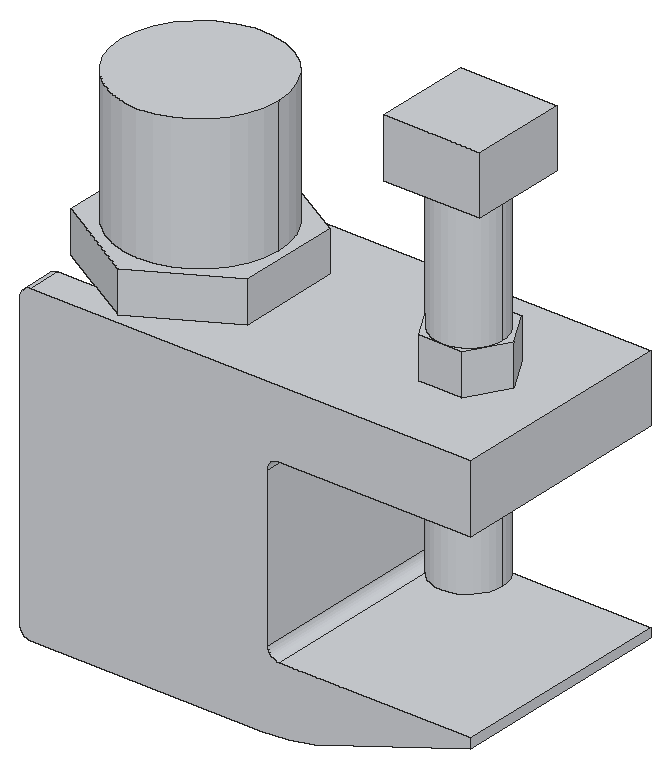
Revit family "Beam_Clamp-Unistrut-P2898", category Specialty Equipment, Revit 2012
Parameters (values of type "P2898-87")
  ecoScorecard_data = "http://products.ecoscorecard.com/atkore/P2898-87"
  ecoScorecard Product Page = "http://products.ecoscorecard.com/atkore/P2898-87?action=html"
  Weight Per Piece = 0.79 lbf
  Unit = none
  Unistrut Part Number = "P2898-87"  # constant formula
  URL = "http://unistrut.us/index.php"
  Subcategory = "Beam Clamps"  # constant formula
  Product Page URL = "http://unistrut.us/index.php?WP=cat_detail&S=S05&P=P2898"
  Part Type = "Beam Clamp"  # constant formula
  Overall Width = 1 1/4"
  Overall Length = 0"
  Overall Height = 1 3/4"
  Model = "P2898-87"
  Material = ""
  Manufacturer Phone - Toll Free = "800-882-5543"  # constant formula
  Manufacturer Phone = "708-339-1610"  # constant formula
  Manufacturer Fax = "708-339-7814"  # constant formula
  Manufacturer Email = "mailto:jshaw@atkore.com"
  Manufacturer Address = "16100 South Lathrop Avenue, Harvey, IL 60426"  # constant formula
  Manufacturer = "Unistrut by Atkore International"  # constant formula
  Load Capacity Note = "Visit the product page for load application and capacity."  # constant formula
  Literature URL = "http://unistrut.us/index.php?WP=LItLibrary"
  F = 1"
  E = 1 1/2"
  D = 5/8"
  Cost Info = "mailto:jshaw@atkore.com"
  Construction Note = ""
  Category = "Specialty Equipment"  # constant formula
  CAD URL = "http://unistrut.us/index.php?WP=CAD3d"
  B = 2"
  Assembly Code = "D5020100"
  Allowable Moment = 0 N·m
  A = 7/8"
  95 CSI = "16070"  # constant formula
  04 CSI = "26 05 48"  # constant formula
Types (6): name | ecoScorecard_data | ecoScorecard Product Page | Weight Per Piece | Overall Width | Overall Height | Model | F | E | D | B | A
  (no name) | "http://products.ecoscorecard.com/atkore/P2898-87" | "http://products.ecoscorecard.com/atkore/P2898-87?action=html" | 0.79 lbf | 1 1/4" | 1 3/4" | "P2898-87" | 1" | 1 1/2" | 5/8" | 2" | 7/8"
  P2898-37 | "http://products.ecoscorecard.com/atkore/P2898-37" | "http://products.ecoscorecard.com/atkore/P2898-37?action=html" | 0.33 lbf | 1 1/4" | 1 3/4" | "P2898-37" | 1" | 1 1/2" | 5/8" | 2" | 3/8"
  P2898-50 | "http://products.ecoscorecard.com/atkore/P2898-50" | "http://products.ecoscorecard.com/atkore/P2898-50?action=html" | 0.33 lbf | 7/8" | 1 1/2" | "P2898-50" | 3/4" | 1" | 1/2" | 1 5/16" | 1/2"
  P2898-62 | "http://products.ecoscorecard.com/atkore/P2898-62" | "http://products.ecoscorecard.com/atkore/P2898-62?action=html" | 0.22 lbf | 1" | 1 1/2" | "P2898-62" | 3/4" | 1" | 1/2" | 1 1/2" | 5/8"
  P2898-75 | "http://products.ecoscorecard.com/atkore/P2898-75" | "http://products.ecoscorecard.com/atkore/P2898-75?action=html" | 0.88 lbf | 1 1/4" | 1 3/4" | "P2898-75" | 1" | 1 3/8" | 5/8" | 1 7/8" | 3/4"
  P2898-87 | "http://products.ecoscorecard.com/atkore/P2898-87" | "http://products.ecoscorecard.com/atkore/P2898-87?action=html" | 0.79 lbf | 1 1/4" | 1 3/4" | "P2898-87" | 1" | 1 1/2" | 5/8" | 2" | 7/8"
Reference planes (in)
  plane 1 "Center (Front/Back)": y = 0
  plane 2: z = 0
  plane 3 "Center (Left/Right)": x = 0
  plane 4: x = 1.125
  plane 5: y = -0.625
  plane 6: y = 0.625
  plane 7: z = 1.29313
  plane 8: z = 3.04313
  plane 9: x = -1.375
Dimensions and locks (in)
  equal spacing: plane 6, plane 1 "Center (Front/Back)", plane 5
  "Overall Width": plane 6 to plane 5
  locked: plane 7 to level at 1.29313
  "Overall Height": plane 8 to plane 7
  aligned and locked: level to plane 2
  aligned and locked: level to nested 1
  aligned and locked: nested 1 to plane 3 "Center (Left/Right)"
Nested families (in)
  nested 1: "2898" at (-0.875, 0, 3.04313) x (1, 0, 0) z (0, 0, -1), type "2898"
    with Hole Radius 7/16", Hexagon Adjust 63/64", A 7/8"
Definition of nested family "2898"
  Parameters (values of type "2898")
    Unit = none
    Hole Radius = A / 2  # 3/16"
    Hexagon Adjust = Hole Radius * 2.25  # 27/64"
    G = 1 1/4"
    F = 1"
    E = 1 1/2"
    Default Elevation = 48"
    D = 5/8"
    Clamp Top Thickness = 3/8"
    Clamp Side Thickness = 179/256"
    Clamp Bottom Thickness = 3/8"
    C = 1 3/4"
    B = 2"
    A = 3/8"
  Reference planes (in)
    plane 1 "Center (Front/Back)": y = 0
    plane 2: z = 0
    plane 3 "Center (Left/Right)": x = 0
    plane 4: y = 9.85485
    plane 5: z = 3.04313
    plane 6: z = 1.29313
    plane 7: y = 0.625
    plane 8: y = -0.625
    plane 9: y = 9.41735
    plane 10: x = 1.5
    plane 11: x = 0.875
    plane 12: x = 1.26226
    plane 13: z = 1.06825
    plane 14: z = 0.325
    plane 15: z = 1.45261
    plane 16: z = 3.29313
    plane 17: z = 2.29313
    plane 18: x = 1.38726
    plane 19: z = 2.54313
    plane 20: z = 2.04313
  Forms (in)
    Extrusion 1, solid, material <- "Unit"
      sketch origin (0, 0, 0) x (1, 0, 0) y (0, 1, 0)
        loop
          line (1.7662, 0.26562) -> (1.2338, 0.26562) -> (1.2338, -0.26563) -> (1.7662, -0.26563) -> (1.7662, 0.26562)
      from 0 to 0.325
    Extrusion 2, solid, material <- "Unit"
      sketch origin (0, -0.01316, 0) x (1, 0, 0) y (0, 1, 0)
        loop
          circle (1.5, 0) r 0.18858
      from 0.325 to 2.29313
    Sweep 3, solid, material <- "Unit"
      path origin (-10.8375, -180, 1.29313) x (-1, 0, 0) y (0, -1, 0)
        loop
          line (-11.5875, -180.625) -> (-11.5875, -179.375)
      profile origin (0.75, 0, 1.29313) x (1, 0, 0) y (0, 0, 1)
        loop
          line (-1.1875, 0) -> (1.25, 0) -> (1.25, 0.375) -> (0.1875, 0.375)
          arc (0.1875, 0.375) -> (0.14331, 0.39331) -> (0.125, 0.4375) r 0.0625
          line (0.125, 0.4375) -> (0.125, 1.3125)
          arc (0.125, 1.3125) -> (0.14331, 1.35669) -> (0.1875, 1.375) r 0.0625
          line (0.1875, 1.375) -> (1.25, 1.375) -> (1.25, 1.42753) -> (0.3865, 1.71126)
          arc (0.3865, 1.71126) -> (0.24435, 1.74027) -> (0.09959, 1.75) r 1.08169
          line (0.09959, 1.75) -> (-1.1875, 1.75)
          arc (-1.1875, 1.75) -> (-1.23169, 1.73169) -> (-1.25, 1.6875) r 0.0625
          line (-1.25, 1.6875) -> (-1.25, 0.0625)
          arc (-1.25, 0.0625) -> (-1.23169, 0.01831) -> (-1.1875, 0) r 0.0625
    Extrusion 4, void
      sketch origin (0.13726, 0, 0) x (1, 0, 0) y (0, 1, 0)
        loop
          circle (1.36274, -0.01316) r 0.18858
      from 1.29313 to 1.66813
    Extrusion 5, void
      sketch origin (-10.97476, -180, 2.79313) x (1, 0, 0) y (0, 1, 0)
        loop
          line (10.97476, 180.1875) -> (10.28524, 180.1875) -> (10.28524, 179.8125) -> (10.97476, 179.8125)
          arc (10.97476, 179.8125) -> (11.16226, 180) -> (10.97476, 180.1875) r 0.1875
      from -1.72488 to -0.75
    Extrusion 6, void
      sketch origin (-10.97476, -180, 1.79313) x (0, -1, 0) y (-1, 0, 0)
        loop
          arc (-180.1875, -10.97476) -> (-180, -11.16226) -> (-179.8125, -10.97476) r 0.1875
          line (-179.8125, -10.97476) -> (-179.8125, -10.28524) -> (-180.1875, -10.28524) -> (-180.1875, -10.97476)
      from -1.5 to -0.75
    Extrusion 7, solid, material <- "Unit"
      sketch origin (-10.97476, -180, 1.29313) x (-1, 0, 0) y (0, -1, 0)
        loop
          circle (-10.97476, -180) r 0.1875
      from -0.96813 to 1
    Extrusion 8, void
      sketch origin (-10.97476, -180, 1.29313) x (0, -1, 0) y (-1, 0, 0)
        loop
          arc (-180.1875, -10.97476) -> (-180, -11.16226) -> (-179.8125, -10.97476) r 0.1875
          line (-179.8125, -10.97476) -> (-179.8125, -10.53726) -> (-180.1875, -10.53726) -> (-180.1875, -10.97476)
      from -2.26028 to 0.63875
    Extrusion 9, solid, material <- "Unit"
      sketch origin (-10.97476, -180, 1.29313) x (-1, 0, 0) y (0, -1, 0)
        loop
          line (-12.35467, -180.208) -> (-12.23458, -180) -> (-12.35467, -179.792) -> (-12.59486, -179.792) -> (-12.71495, -180) -> (-12.59486, -180.208) -> (-12.35467, -180.208)
        loop
          circle (-12.47476, -179.98828) r 0.18812
      from -0.22488 to 0
  Cuts and joins
    joined: Extrusion 1, Extrusion 2
    Extrusion 4, Extrusion 5, Extrusion 6, Extrusion 8 cuts Sweep 3
  Dimensions and locks (in)
    "C": plane 5 to plane 6
    locked: plane 6 to level at 1.29313
    equal spacing: plane 8, plane 1 "Center (Front/Back)", plane 7
    "G": plane 7 to plane 8
    "D": plane 11 to plane 10
    cut or joined group of Extrusion 1, Extrusion 2 to plane 10 to cut or joined group of Extrusion 1, Extrusion 2 = 0.2662", 0.2662"
    locked: plane 6 to plane 13 at 0.22488
    locked: plane 16 to plane 5 at 0.25
    locked: plane 16 to plane 17 at 1
    locked: plane 18 to plane 12 at 0.125
    cut or joined group of Extrusion 1, Extrusion 2 to plane 10 to cut or joined group of Extrusion 1, Extrusion 2 = 0.2662" locked, 0.2662" locked
    plane 10 to plane 3 "Center (Left/Right)" = 1 1/2"
    "E": plane 10 to plane 3 "Center (Left/Right)"
    "B": Sweep 3 sketch curve to plane 3 "Center (Left/Right)"  (x2)
    "D": plane 10 to Sweep 3 sketch curve
    locked: plane 3 "Center (Left/Right)" to Sweep 3 sketch curve at 0.5
    Sweep 3 sketch curve to Sweep 3 sketch curve to Sweep 3 sketch curve = 0.05253" locked, 0.32247" locked
    "F": Sweep 3 sketch curve to Sweep 3 sketch curve
    plane 19 to plane 17 to plane 20 = 1/4", 1/4" locked
    locked: Extrusion 5 sketch curve to plane 3 "Center (Left/Right)" at 0.68953
    locked: Extrusion 8 sketch curve to plane 3 "Center (Left/Right)" at 0.4375
    Extrusion 9 sketch curve to Extrusion 9 sketch curve to Extrusion 9 sketch curve to plane 10 to Extrusion 9 sketch curve to Extrusion 9 sketch curve to Extrusion 9 sketch curve = 0.12009" locked, 0" locked, 0.12009" locked, 0.12009" locked, 0" locked, 0.12009" locked
    locked: Extrusion 9 sketch curve to plane 1 "Center (Front/Back)" at 0.01172
    Extrusion 1 sketch curve to plane 1 "Center (Front/Back)" to Extrusion 1 sketch curve = 17/64" locked, 17/64" locked
    "Hole Radius": radius of Extrusion 5 sketch curve
    "Hole Radius": radius of Extrusion 6 sketch curve
    "Hole Radius": radius of Extrusion 7 sketch curve
    "Hole Radius": radius of Extrusion 8 sketch curve
    aligned and locked: plane 2 to level
    aligned and locked: Extrusion 2 to Extrusion 1
    aligned and locked: plane 7 to Sweep 3 sketch curve
    aligned and locked: plane 8 to Sweep 3 sketch curve
    aligned and locked: plane 10 to Extrusion 2 sketch curve
    aligned and locked: cut or joined group of Extrusion 1, Extrusion 2 to plane 14
    aligned and locked: cut or joined group of Extrusion 1, Extrusion 2 to level
    aligned and locked: Extrusion 4 sketch curve to cut or joined group of Extrusion 1, Extrusion 2
    aligned and locked: plane 6 to Extrusion 4
    aligned and locked: plane 17 to cut or joined group of Extrusion 1, Extrusion 2
    aligned and locked: Sweep 3 sketch curve to plane 6
    aligned and locked: Sweep 3 sketch curve to plane 5
    aligned and locked: Extrusion 5 to plane 20
    aligned and locked: plane 16 to Extrusion 6
    aligned and locked: Extrusion 6 to plane 19
    aligned and locked: plane 1 "Center (Front/Back)" to Extrusion 7 sketch curve
    aligned and locked: plane 3 "Center (Left/Right)" to Extrusion 7 sketch curve
    aligned and locked: Extrusion 7 to cut or joined group of Extrusion 1, Extrusion 2
    aligned and locked: cut or joined group of Extrusion 1, Extrusion 2 to Extrusion 7
    aligned and locked: plane 10 to Extrusion 9 sketch curve
    aligned and locked: plane 13 to Extrusion 9
    aligned and locked: plane 6 to Extrusion 9
    aligned and locked: plane 1 "Center (Front/Back)" to nested 1
    aligned and locked: plane 3 "Center (Left/Right)" to nested 1
    aligned and locked: plane 6 to nested 1
  Automatic sketch dimensions
    Extrusion 1 sketch curve to plane 12 = 0.02846"
    plane 10 to Extrusion 1 sketch curve = 0.2662"
    plane 1 "Center (Front/Back)" to Extrusion 2 sketch curve = 0.01316"
    Sweep 3 sketch curve to plane 11 = 1/8"
    plane 6 to Sweep 3 sketch curve = 1/16"
    Sweep 3 sketch curve to Sweep 3 sketch curve = 1/16"  (x3)
    Sweep 3 sketch curve to profile plane = 0.09959"
    Sweep 3 sketch curve to Sweep 3 sketch curve = 0.2869"
    Sweep 3 sketch curve to Sweep 3 sketch curve = 0.23081"
    Extrusion 5 sketch curve to plane 3 "Center (Left/Right)" = 0"
    plane 1 "Center (Front/Back)" to Extrusion 5 sketch curve = 0"
    Extrusion 6 sketch curve to plane 3 "Center (Left/Right)" = 0"
    plane 1 "Center (Front/Back)" to Extrusion 6 sketch curve = 0"
    Extrusion 6 sketch curve to plane 3 "Center (Left/Right)" = 0.68953"
    Extrusion 8 sketch curve to plane 3 "Center (Left/Right)" = 0"
    plane 1 "Center (Front/Back)" to Extrusion 8 sketch curve = 0"
    plane 1 "Center (Front/Back)" to Extrusion 9 sketch curve = 0"  (x2)
    Extrusion 9 sketch curve to plane 1 "Center (Front/Back)" = 0.208"
    plane 1 "Center (Front/Back)" to Extrusion 9 sketch curve = 0.208"
    radius of Extrusion 2 sketch curve = 0.18858"
    radius of Extrusion 9 sketch curve = 0.18812"
  Nested families (in)
    nested 1: "Hexagon" at (0, 0, 1.06657), type "Hexagon"
      with c 9/64", a 27/64"
  Definition of nested family "Hexagon"
    Parameters (values of type "Hexagon")
      c = 3/16"
      a = c * 3  # 9/16"
      Bolt = none
    Reference planes (in)
      plane 1 "Center (Front/Back)": y = 0
      plane 2: z = 0
      plane 3 "Center (Left/Right)": x = 0
      plane 4: z = 0.22656
    Forms (in)
      Extrusion 1, solid, material <- "Bolt"
        sketch origin (0, 0, 0) x (1, 0, 0) y (0, 1, 0)
          loop
            line (0, 0.32476) -> (-0.28125, 0.16238) -> (-0.28125, -0.16238) -> (0, -0.32476) -> (0.28125, -0.16238) -> (0.28125, 0.16238) -> (0, 0.32476)
          loop
            circle (0, 0) r 0.1875
        from 0 to 0.22656
    Dimensions and locks (in)
      equal spacing: Extrusion 1 sketch curve, Extrusion 1 sketch curve, Extrusion 1 sketch curve  (x3)
      "a": Extrusion 1 sketch curve to Extrusion 1 sketch curve  (x3)
      equal spacing: Extrusion 1 sketch curve, plane 1 "Center (Front/Back)", Extrusion 1 sketch curve
      equal spacing: Extrusion 1 sketch curve, plane 3 "Center (Left/Right)", Extrusion 1 sketch curve
      plane 4 to plane 2 = 29/128"
      "c": radius of Extrusion 1 sketch curve
      aligned and locked: plane 2 to level
      aligned and locked: Extrusion 1 to plane 2
      aligned and locked: plane 4 to Extrusion 1
    Automatic sketch dimensions
      plane 1 "Center (Front/Back)" to Extrusion 1 sketch curve = 0"
      Extrusion 1 sketch curve to plane 3 "Center (Left/Right)" = 0"
